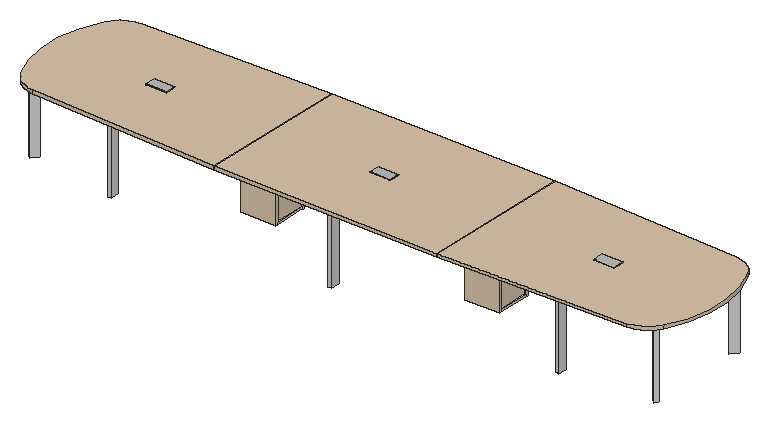
Revit family "Haworth_Planes_ConferenceTable_PebbleThreePiece", category Furniture Systems, Revit 2018 (continued)
Definition of nested family "Haworth_Planes_Worksurface_Pebble_3Piece_PART"
  Definition of nested family "Haworth_Planes_Worksurface_Pebble42_3Pieces_Part"
    Automatic sketch dimensions
      Extrusion 22 sketch curve to plane 3 "Center L/R" = 36.84"
      plane 3 "Center L/R" to Extrusion 22 sketch curve = 36.84"
      plane 1 "Center F/B" to Extrusion 22 sketch curve = 20.84"
      Extrusion 22 sketch curve to Extrusion 22 sketch curve = 41.68"
      Extrusion 23 sketch curve to plane 3 "Center L/R" = 37.84"
      plane 3 "Center L/R" to Extrusion 23 sketch curve = 37.84"
      plane 1 "Center F/B" to Extrusion 23 sketch curve = 20.84"
      Extrusion 23 sketch curve to Extrusion 23 sketch curve = 41.68"
      Extrusion 24 sketch curve to plane 3 "Center L/R" = 38.84"
      plane 3 "Center L/R" to Extrusion 24 sketch curve = 38.84"
      plane 1 "Center F/B" to Extrusion 24 sketch curve = 20.84"
      Extrusion 24 sketch curve to Extrusion 24 sketch curve = 41.68"
      Extrusion 25 sketch curve to plane 3 "Center L/R" = 40.84"
      plane 3 "Center L/R" to Extrusion 25 sketch curve = 40.84"
      plane 1 "Center F/B" to Extrusion 25 sketch curve = 20.84"
      Extrusion 25 sketch curve to Extrusion 25 sketch curve = 41.68"
      Extrusion 26 sketch curve to plane 3 "Center L/R" = 39.84"
      plane 3 "Center L/R" to Extrusion 26 sketch curve = 39.84"
      plane 1 "Center F/B" to Extrusion 26 sketch curve = 20.84"
      Extrusion 26 sketch curve to Extrusion 26 sketch curve = 41.68"
      Extrusion 27 sketch curve to plane 3 "Center L/R" = 41.84"
      plane 3 "Center L/R" to Extrusion 27 sketch curve = 41.84"
      plane 1 "Center F/B" to Extrusion 27 sketch curve = 20.84"
      Extrusion 27 sketch curve to Extrusion 27 sketch curve = 41.68"
      Extrusion 28 sketch curve to plane 3 "Center L/R" = 42.84"
      plane 3 "Center L/R" to Extrusion 28 sketch curve = 42.84"
      plane 1 "Center F/B" to Extrusion 28 sketch curve = 20.84"
      Extrusion 28 sketch curve to Extrusion 28 sketch curve = 41.68"
      Extrusion 29 sketch curve to plane 3 "Center L/R" = 43.84"
      plane 3 "Center L/R" to Extrusion 29 sketch curve = 43.84"
      plane 1 "Center F/B" to Extrusion 29 sketch curve = 20.84"
      Extrusion 29 sketch curve to Extrusion 29 sketch curve = 41.68"
      Extrusion 30 sketch curve to plane 3 "Center L/R" = 44.84"
      plane 3 "Center L/R" to Extrusion 30 sketch curve = 44.84"
      plane 1 "Center F/B" to Extrusion 30 sketch curve = 20.84"
      Extrusion 30 sketch curve to Extrusion 30 sketch curve = 41.68"
      plane 1 "Center F/B" to Masking region 1 sketch curve = 0"  (x2)
      plane 1 "Center F/B" to Masking region 1 sketch curve = 6.3817"  (x2)
      Masking region 1 sketch curve to plane 3 "Center L/R" = 79.89706"
      Masking region 1 sketch curve to Masking region 1 sketch curve = 0"  (x10)
      Masking region 1 sketch curve to Masking region 1 sketch curve = 32.37706"  (x2)
      Masking region 1 sketch curve to plane 3 "Center L/R" = 32.2855"  (x2)
      plane 3 "Center L/R" to Masking region 1 sketch curve = 30.84"
      plane 3 "Center L/R" to Masking region 1 sketch curve = 32.2855"  (x2)
      Masking region 1 sketch curve to Masking region 1 sketch curve = 16.68"  (x4)
      Masking region 1 sketch curve to plane 1 "Center F/B" = 6.3817"  (x2)
      Masking region 1 sketch curve to Masking region 1 sketch curve = 432.19706"
      Masking region 1 sketch curve to Masking region 1 sketch curve = 1.23699"
      plane 1 "Center F/B" to Masking region 1 sketch curve = 20.84"
      Masking region 1 sketch curve to plane 1 "Center F/B" = 20.84"
      Masking region 2 sketch curve to plane 3 "Center L/R" = 82.8969"
      Masking region 2 sketch curve to Masking region 2 sketch curve = 0"  (x10)
      Masking region 2 sketch curve to Masking region 2 sketch curve = 32.3769"  (x2)
      Masking region 2 sketch curve to plane 3 "Center L/R" = 33.28238"  (x2)
      Masking region 2 sketch curve to Masking region 2 sketch curve = 18.68"  (x4)
      plane 3 "Center L/R" to Masking region 2 sketch curve = 31.84"
      plane 3 "Center L/R" to Masking region 2 sketch curve = 33.28238"  (x2)
      plane 1 "Center F/B" to Masking region 2 sketch curve = 492.80874"
      plane 1 "Center F/B" to Masking region 2 sketch curve = 6.3825"
      Masking region 2 sketch curve to Masking region 2 sketch curve = 6.3825"  (x2)
      Masking region 2 sketch curve to Masking region 2 sketch curve = 12.76499"  (x2)
      Masking region 2 sketch curve to Masking region 2 sketch curve = 20.84"
      Masking region 2 sketch curve to Masking region 2 sketch curve = 471 31/32"
      Masking region 2 sketch curve to Masking region 2 sketch curve = 1.18683"  (x2)
      Masking region 3 sketch curve to plane 3 "Center L/R" = 85.89679"
      Masking region 3 sketch curve to Masking region 3 sketch curve = 0"  (x10)
      Masking region 3 sketch curve to Masking region 3 sketch curve = 32.37679"  (x2)
      Masking region 3 sketch curve to plane 3 "Center L/R" = 34.28583"  (x2)
      Masking region 3 sketch curve to Masking region 3 sketch curve = 20.68"  (x4)
      plane 3 "Center L/R" to Masking region 3 sketch curve = 32.84"
      plane 3 "Center L/R" to Masking region 3 sketch curve = 34.28583"  (x2)
      plane 1 "Center F/B" to Masking region 3 sketch curve = 534.04352"
      plane 1 "Center F/B" to Masking region 3 sketch curve = 6.38304"
      Masking region 3 sketch curve to Masking region 3 sketch curve = 6.38304"  (x2)
      Masking region 3 sketch curve to Masking region 3 sketch curve = 12.76609"  (x2)
      Masking region 3 sketch curve to Masking region 3 sketch curve = 20.84"
      Masking region 3 sketch curve to Masking region 3 sketch curve = 513.20352"
      Masking region 3 sketch curve to Masking region 3 sketch curve = 1.14081"  (x2)
      Masking region 4 sketch curve to Masking region 4 sketch curve = 0"  (x11)
      Masking region 4 sketch curve to Masking region 4 sketch curve = 32.37672"  (x2)
      Masking region 4 sketch curve to plane 3 "Center L/R" = 35.28122"  (x2)
      Masking region 4 sketch curve to Masking region 4 sketch curve = 22.68"  (x4)
      plane 3 "Center L/R" to Masking region 4 sketch curve = 33.84"
      plane 3 "Center L/R" to Masking region 4 sketch curve = 35.28122"  (x2)
      plane 1 "Center F/B" to Masking region 4 sketch curve = 577.05353"
      plane 1 "Center F/B" to Masking region 4 sketch curve = 6.38339"
      Masking region 4 sketch curve to Masking region 4 sketch curve = 6.38339"  (x2)
      Masking region 4 sketch curve to Masking region 4 sketch curve = 12.76678"  (x2)
      Masking region 4 sketch curve to Masking region 4 sketch curve = 20.84"
      Masking region 4 sketch curve to Masking region 4 sketch curve = 556.21353"
      Masking region 4 sketch curve to Masking region 4 sketch curve = 1.09812"  (x2)
      Masking region 5 sketch curve to Masking region 5 sketch curve = 0"  (x11)
      Masking region 5 sketch curve to Masking region 5 sketch curve = 32.37669"  (x2)
      Masking region 5 sketch curve to plane 3 "Center L/R" = 36.28966"  (x2)
      Masking region 5 sketch curve to Masking region 5 sketch curve = 24.68"  (x4)
      plane 3 "Center L/R" to Masking region 5 sketch curve = 34.84"
      plane 3 "Center L/R" to Masking region 5 sketch curve = 36.28966"  (x2)
      plane 1 "Center F/B" to Masking region 5 sketch curve = 621.36778"
      plane 1 "Center F/B" to Masking region 5 sketch curve = 6.38358"
      Masking region 5 sketch curve to Masking region 5 sketch curve = 6.38358"  (x2)
      Masking region 5 sketch curve to Masking region 5 sketch curve = 12.76715"  (x2)
      Masking region 5 sketch curve to Masking region 5 sketch curve = 20.84"
      Masking region 5 sketch curve to Masking region 5 sketch curve = 600.52778"
      Masking region 5 sketch curve to Masking region 5 sketch curve = 1.05883"  (x2)
      Masking region 6 sketch curve to Masking region 6 sketch curve = 0"  (x11)
      Masking region 6 sketch curve to Masking region 6 sketch curve = 32.37668"  (x2)
      Masking region 6 sketch curve to plane 3 "Center L/R" = 37.2884"  (x2)
      Masking region 6 sketch curve to Masking region 6 sketch curve = 26.68"  (x4)
      plane 3 "Center L/R" to Masking region 6 sketch curve = 35.84"
      plane 3 "Center L/R" to Masking region 6 sketch curve = 37.2884"  (x2)
      plane 1 "Center F/B" to Masking region 6 sketch curve = 667.50163"
      plane 1 "Center F/B" to Masking region 6 sketch curve = 6.38363"
      Masking region 6 sketch curve to Masking region 6 sketch curve = 6.38363"  (x2)
      Masking region 6 sketch curve to Masking region 6 sketch curve = 12.76727"  (x2)
      Masking region 6 sketch curve to Masking region 6 sketch curve = 20.84"
      Masking region 6 sketch curve to Masking region 6 sketch curve = 646.66163"
      Masking region 6 sketch curve to Masking region 6 sketch curve = 1.02211"  (x2)
      Masking region 7 sketch curve to Masking region 7 sketch curve = 0"  (x11)
      Masking region 7 sketch curve to Masking region 7 sketch curve = 32.37669"  (x2)
      Masking region 7 sketch curve to plane 3 "Center L/R" = 38.29469"  (x2)
      Masking region 7 sketch curve to Masking region 7 sketch curve = 28.68"  (x4)
      plane 3 "Center L/R" to Masking region 7 sketch curve = 36.84"
      plane 3 "Center L/R" to Masking region 7 sketch curve = 38.29469"  (x2)
      plane 1 "Center F/B" to Masking region 7 sketch curve = 715.05001"
      plane 1 "Center F/B" to Masking region 7 sketch curve = 6.38358"
      Masking region 7 sketch curve to Masking region 7 sketch curve = 6.38358"  (x2)
      Masking region 7 sketch curve to Masking region 7 sketch curve = 12.76717"  (x2)
      Masking region 7 sketch curve to Masking region 7 sketch curve = 20.84"
      Masking region 7 sketch curve to Masking region 7 sketch curve = 694.21001"
      Masking region 7 sketch curve to Masking region 7 sketch curve = 0.98803"  (x2)
      Masking region 8 sketch curve to Masking region 8 sketch curve = 0"  (x11)
      Masking region 8 sketch curve to Masking region 8 sketch curve = 32.37671"  (x2)
      Masking region 8 sketch curve to plane 3 "Center L/R" = 39.29586"  (x2)
      Masking region 8 sketch curve to Masking region 8 sketch curve = 30.68"  (x4)
      plane 3 "Center L/R" to Masking region 8 sketch curve = 37.84"
      plane 3 "Center L/R" to Masking region 8 sketch curve = 39.29586"  (x2)
      plane 1 "Center F/B" to Masking region 8 sketch curve = 764.31936"
      plane 1 "Center F/B" to Masking region 8 sketch curve = 6.38345"
      Masking region 8 sketch curve to Masking region 8 sketch curve = 6.38345"  (x2)
      Masking region 8 sketch curve to Masking region 8 sketch curve = 12.7669"  (x2)
      Masking region 8 sketch curve to Masking region 8 sketch curve = 20.84"
      Masking region 8 sketch curve to Masking region 8 sketch curve = 743.47936"
      Masking region 8 sketch curve to Masking region 8 sketch curve = 0.95609"  (x2)
      Masking region 9 sketch curve to Masking region 9 sketch curve = 0"  (x11)
      Masking region 9 sketch curve to Masking region 9 sketch curve = 32.37675"  (x2)
      Masking region 9 sketch curve to plane 3 "Center L/R" = 40.29554"  (x2)
      Masking region 9 sketch curve to Masking region 9 sketch curve = 32.68"  (x4)
      plane 3 "Center L/R" to Masking region 9 sketch curve = 38.84"
      plane 3 "Center L/R" to Masking region 9 sketch curve = 40.29554"  (x2)
      plane 1 "Center F/B" to Masking region 9 sketch curve = 815.22633"
      plane 1 "Center F/B" to Masking region 9 sketch curve = 6.38324"
      Masking region 9 sketch curve to Masking region 9 sketch curve = 6.38324"  (x2)
      Masking region 9 sketch curve to Masking region 9 sketch curve = 12.76649"  (x2)
      Masking region 9 sketch curve to Masking region 9 sketch curve = 20.84"
      Masking region 9 sketch curve to Masking region 9 sketch curve = 794.38633"
      Masking region 9 sketch curve to Masking region 9 sketch curve = 0.92616"  (x2)
      Masking region 10 sketch curve to Masking region 10 sketch curve = 0"  (x11)
      Masking region 10 sketch curve to Masking region 10 sketch curve = 32.37681"  (x2)
      Masking region 10 sketch curve to plane 3 "Center L/R" = 41.31098"  (x2)
      Masking region 10 sketch curve to plane 3 "Center L/R" = 39.84"  (x2)
      plane 3 "Center L/R" to Masking region 10 sketch curve = 39.84"  (x2)
      plane 3 "Center L/R" to Masking region 10 sketch curve = 41.31098"  (x2)
      Masking region 10 sketch curve to Masking region 10 sketch curve = 34.68"
      plane 1 "Center F/B" to Masking region 10 sketch curve = 867.30482"
      plane 1 "Center F/B" to Masking region 10 sketch curve = 6.38298"
      Masking region 10 sketch curve to Masking region 10 sketch curve = 6.38298"  (x2)
      Masking region 10 sketch curve to Masking region 10 sketch curve = 12.76597"  (x2)
      Masking region 10 sketch curve to Masking region 10 sketch curve = 20.84"
      Masking region 10 sketch curve to Masking region 10 sketch curve = 846.46482"
      Masking region 10 sketch curve to Masking region 10 sketch curve = 0.89829"  (x2)
      Masking region 11 sketch curve to Masking region 11 sketch curve = 0"  (x11)
      Masking region 11 sketch curve to Masking region 11 sketch curve = 32.37687"  (x2)
      Masking region 11 sketch curve to plane 3 "Center L/R" = 42.30646"  (x2)
      Masking region 11 sketch curve to plane 3 "Center L/R" = 40.84"  (x2)
      plane 3 "Center L/R" to Masking region 11 sketch curve = 40.84"  (x2)
      plane 3 "Center L/R" to Masking region 11 sketch curve = 42.30646"  (x2)
      Masking region 11 sketch curve to Masking region 11 sketch curve = 36.68"
      plane 1 "Center F/B" to Masking region 11 sketch curve = 921.51808"
      plane 1 "Center F/B" to Masking region 11 sketch curve = 6.38268"
      Masking region 11 sketch curve to Masking region 11 sketch curve = 6.38268"  (x2)
      Masking region 11 sketch curve to Masking region 11 sketch curve = 12.76536"  (x2)
      Masking region 11 sketch curve to Masking region 11 sketch curve = 20.84"
      Masking region 11 sketch curve to Masking region 11 sketch curve = 900.67808"
      Masking region 11 sketch curve to Masking region 11 sketch curve = 0.8718"  (x2)
      Masking region 12 sketch curve to Masking region 12 sketch curve = 0"  (x13)
      Masking region 12 sketch curve to Masking region 12 sketch curve = 32.37693"  (x2)
      Masking region 12 sketch curve to plane 3 "Center L/R" = 43.31024"  (x2)
      Masking region 12 sketch curve to plane 3 "Center L/R" = 41.84"
      plane 3 "Center L/R" to Masking region 12 sketch curve = 41.84"
      plane 3 "Center L/R" to Masking region 12 sketch curve = 43.31024"  (x2)
      Masking region 12 sketch curve to Masking region 12 sketch curve = 38.68"
      plane 1 "Center F/B" to Masking region 12 sketch curve = 977.09918"
      plane 1 "Center F/B" to Masking region 12 sketch curve = 6.38234"
      Masking region 12 sketch curve to Masking region 12 sketch curve = 6.38234"  (x2)
      Masking region 12 sketch curve to Masking region 12 sketch curve = 12.76467"  (x2)
      Masking region 12 sketch curve to Masking region 12 sketch curve = 20.84"
      Masking region 12 sketch curve to Masking region 12 sketch curve = 956.25918"
      Masking region 12 sketch curve to Masking region 12 sketch curve = 0.84695"  (x2)
      Masking region 13 sketch curve to Masking region 13 sketch curve = 0"  (x13)
      Masking region 13 sketch curve to Masking region 13 sketch curve = 32.37701"  (x2)
      Masking region 13 sketch curve to plane 3 "Center L/R" = 44.30581"  (x2)
      Masking region 13 sketch curve to plane 3 "Center L/R" = 42.84"
      plane 3 "Center L/R" to Masking region 13 sketch curve = 42.84"
      plane 3 "Center L/R" to Masking region 13 sketch curve = 44.30581"  (x2)
      Masking region 13 sketch curve to Masking region 13 sketch curve = 40.68"
      plane 1 "Center F/B" to Masking region 13 sketch curve = 1034.51736"
      plane 1 "Center F/B" to Masking region 13 sketch curve = 6.38197"
      Masking region 13 sketch curve to Masking region 13 sketch curve = 6.38197"  (x2)
      Masking region 13 sketch curve to Masking region 13 sketch curve = 12.76393"  (x2)
      Masking region 13 sketch curve to Masking region 13 sketch curve = 20.84"
      Masking region 13 sketch curve to Masking region 13 sketch curve = 1013.67736"
      Masking region 13 sketch curve to Masking region 13 sketch curve = 0.82339"  (x2)
      Masking region 14 sketch curve to Masking region 14 sketch curve = 0"  (x13)
      Masking region 14 sketch curve to Masking region 14 sketch curve = 32.37708"  (x2)
      Masking region 14 sketch curve to plane 3 "Center L/R" = 45.30989"  (x2)
      Masking region 14 sketch curve to plane 3 "Center L/R" = 43.84"
      plane 3 "Center L/R" to Masking region 14 sketch curve = 43.84"
      plane 3 "Center L/R" to Masking region 14 sketch curve = 45.30989"  (x2)
      Masking region 14 sketch curve to Masking region 14 sketch curve = 42.68"
      plane 1 "Center F/B" to Masking region 14 sketch curve = 1093.28381"
      plane 1 "Center F/B" to Masking region 14 sketch curve = 6.38157"
      Masking region 14 sketch curve to Masking region 14 sketch curve = 6.38157"  (x2)
      Masking region 14 sketch curve to Masking region 14 sketch curve = 12.76315"  (x2)
      Masking region 14 sketch curve to Masking region 14 sketch curve = 20.84"
      Masking region 14 sketch curve to Masking region 14 sketch curve = 1072.44381"
      Masking region 14 sketch curve to Masking region 14 sketch curve = 0.80122"  (x2)
      Masking region 15 sketch curve to Masking region 15 sketch curve = 0"  (x13)
      Masking region 15 sketch curve to Masking region 15 sketch curve = 32.37716"  (x2)
      Masking region 15 sketch curve to plane 3 "Center L/R" = 46.30392"  (x2)
      Masking region 15 sketch curve to plane 3 "Center L/R" = 44.84"
      plane 3 "Center L/R" to Masking region 15 sketch curve = 44.84"
      plane 3 "Center L/R" to Masking region 15 sketch curve = 46.30392"  (x2)
      Masking region 15 sketch curve to Masking region 15 sketch curve = 44.68"
      plane 1 "Center F/B" to Masking region 15 sketch curve = 1153.95757"
      plane 1 "Center F/B" to Masking region 15 sketch curve = 6.38116"
      Masking region 15 sketch curve to Masking region 15 sketch curve = 6.38116"  (x2)
      Masking region 15 sketch curve to Masking region 15 sketch curve = 12.76232"  (x2)
      Masking region 15 sketch curve to Masking region 15 sketch curve = 20.84"
      Masking region 15 sketch curve to Masking region 15 sketch curve = 1133.11757"
      Masking region 15 sketch curve to Masking region 15 sketch curve = 0.78012"  (x2)
      curve 30 to plane 1 "Center F/B" = 20.84"
      curve 30 to plane 3 "Center L/R" = 44.84"
      curve 30 to curve 29 = 1"
      curve 29 to curve 28 = 1"
      curve 28 to curve 27 = 1"
      curve 27 to curve 26 = 1"
      curve 26 to curve 25 = 1"
      curve 25 to curve 24 = 1"
      curve 24 to curve 23 = 1"
      curve 23 to curve 22 = 1"
      curve 22 to curve 21 = 1"
      curve 21 to curve 20 = 1"
      curve 20 to curve 19 = 1"
      curve 19 to curve 18 = 1"
      curve 18 to curve 17 = 1"
      curve 17 to curve 1 = 1"
      plane 3 "Center L/R" to curve 2 = 30.84"
      curve 2 to curve 3 = 1"
      curve 3 to curve 4 = 1"
      curve 4 to curve 5 = 1"
      curve 5 to curve 6 = 1"
      curve 6 to curve 7 = 1"
      curve 7 to curve 8 = 1"
      curve 8 to curve 9 = 1"
      curve 9 to curve 10 = 1"
      curve 10 to curve 11 = 1"
      curve 11 to curve 12 = 1"
      curve 12 to curve 13 = 1"
      curve 13 to curve 14 = 1"
      curve 14 to curve 15 = 1"
      curve 15 to curve 16 = 1"
      curve 30 to curve 29 = 0"  (x2)
      curve 15 to plane 1 "Center F/B" = 20.84"
      curve 2 to curve 15 = 0"
      curve 29 to curve 28 = 0"
      curve 28 to curve 27 = 0"  (x2)
      curve 2 to curve 3 = 0"  (x2)
      curve 3 to curve 4 = 0"  (x2)
      curve 27 to curve 26 = 0"  (x2)
      curve 26 to curve 25 = 0"  (x2)
      curve 4 to curve 5 = 0"  (x2)
      curve 5 to curve 6 = 0"  (x2)
      curve 25 to curve 24 = 0"  (x2)
      curve 24 to curve 23 = 0"  (x2)
      curve 6 to curve 7 = 0"  (x2)
      curve 7 to curve 8 = 0"  (x2)
      curve 23 to curve 22 = 0"  (x2)
      curve 22 to curve 21 = 0"  (x2)
      curve 8 to curve 9 = 0"  (x2)
      curve 9 to curve 10 = 0"  (x2)
      curve 21 to curve 20 = 0"  (x2)
      curve 20 to curve 19 = 0"  (x2)
      curve 10 to curve 11 = 0"  (x2)
      curve 11 to curve 12 = 0"  (x2)
      curve 19 to curve 18 = 0"  (x2)
      curve 18 to curve 17 = 0"  (x2)
      curve 12 to curve 13 = 0"  (x2)
      curve 13 to curve 14 = 0"  (x2)
      curve 15 to curve 16 = 0"  (x2)
      plane 1 "Center F/B" to curve 29 = 20.84"
      plane 1 "Center F/B" to curve 15 = 20.84"
      curve 14 to curve 15 = 0"
      curve 29 to curve 17 = 0"
      curve 17 to curve 1 = 0"  (x2)
Definition of nested family "Haworth_Worksurface_FlipTop_Unit_Part"
  Parameters (values of type "Flip Top")
    Warranty = "https://www.haworth.com/resources/product-info/warranties"
    URL - Product = "https://www.haworth.com/products/tables/conference/planes"
    URL = "www.haworth.com"
    Sustainability Info = "https://www.haworth.com/company-info/sustainability"
    Size = "Verify Final Dim. w/ Haworth"  # constant formula
    Revision Number = "2"  # constant formula
    Model = "Haworth_Worksurface-Flip_Top_Unit"  # constant formula
    Manufacturer = "Haworth"  # constant formula
    LEED Data = "www.haworth.com/_layouts/Haworth.ProductCatalog/Handlers/GetAsset.ashx/ComposeLEEDContributions.pdf?cid=27&rid=1824&type=Leed"
    Flip Top Finish = none
    Description = "Haworth Worksurface-Flip Top Unit - Part"
    Default Elevation = 48"
    Author = "Haworth (Alias), SHAPE Environments, LLC"  # constant formula
    Assembly Code = "E2020200"
    Actual Width = 8 1/4"
    Actual Depth = 4 3/8"
  Reference planes (in)
    plane 1 "Center F/B": y = 0.05249
    plane 2: z = 0
    plane 3 "Center L/R": x = 0.57037
    plane 4 "Back": y = 2.23999
    plane 5 "Right": x = 4.69537
    plane 6 "Front": y = -2.13501
    plane 7 "Left": x = -3.55463
    plane 8 "Table Height": z = 0
  Forms (in)
    Extrusion 1, solid, material <- "Flip Top Finish"
      sketch origin (0, 0, 0) x (-1, 0, 0) y (0, -1, 0)
        loop
          line (3.55463, -2.23999) -> (3.55463, 2.13501) -> (-4.69537, 2.13501) -> (-4.69537, -2.23999) -> (3.55463, -2.23999)
      from 0 to 0.125
    Extrusion 2, solid, material <- "Flip Top Finish"
      sketch origin (0, 0, 0) x (-1, 0, 0) y (0, -1, 0)
        loop
          line (3.42963, -2.05249) -> (3.42963, 1.94751) -> (-4.57037, 1.94751) -> (-4.57037, -2.05249) -> (3.42963, -2.05249)
      from 0 to -2.75
  Cuts and joins
    joined: Extrusion 1, Extrusion 2
  Lines and regions (in)
    Masking region 1
      outline origin (0, 0, 0) x (1, 0, 0) y (0, 1, 0)
        loop
          line (-3.55463, 2.23999) -> (-3.55463, -2.13501) -> (4.69537, -2.13501) -> (4.69537, 2.23999) -> (-3.55463, 2.23999)
  Dimensions and locks (in)
    equal spacing: plane 7 "Left", plane 3 "Center L/R", plane 5 "Right"
    "Actual Width": plane 7 "Left" to plane 5 "Right"
    equal spacing: plane 6 "Front", plane 1 "Center F/B", plane 4 "Back"
    "Actual Depth": plane 4 "Back" to plane 6 "Front"
    plane 7 "Left" to Extrusion 2 sketch curve = 1/8"
    plane 4 "Back" to Extrusion 2 sketch curve = 3/16"
    Extrusion 2 sketch curve to plane 5 "Right" = 1/8"
    Extrusion 2 sketch curve to plane 6 "Front" = 3/16"
    locked: plane 8 "Table Height" to level
    aligned and locked: plane 7 "Left" to Extrusion 1 sketch curve
    aligned and locked: Extrusion 1 sketch curve to plane 4 "Back"
    aligned and locked: plane 6 "Front" to Extrusion 1 sketch curve
    aligned and locked: Extrusion 1 sketch curve to plane 5 "Right"
    aligned and locked: Masking region 1 sketch curve to cut or joined group of Extrusion 1, Extrusion 2  (x3)
    aligned and locked: cut or joined group of Extrusion 1, Extrusion 2 to Masking region 1 sketch curve
